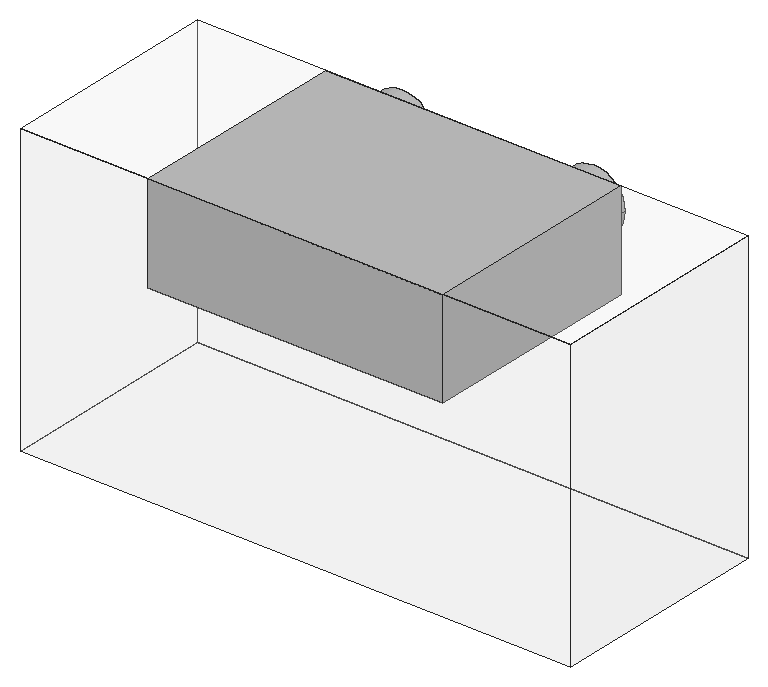
Revit family "sku-40_50exc-b_50Hz", category 機械設備, Revit 2019
Family settings
  丸型コネクタ寸法 = 直径を使用
  パーツ タイプ = 標準
  OmniClass 番号 = 23.75.10.34.21
  OmniClass タイトル = Heat Exchangers for Ventilation Air
  作業面ベース = いいえ
  常に垂直 = はい
  ロード時にボイドで切り取り = いいえ
  共有 = いいえ
  部屋計算ポイント = はい
Parameters (values of type "SKU-40EXC-B")
  騒音レベル(dB(A)) = 39
  風量 = 400.0 m³/h
  面風速 = 3.54 m/s
  電源種別 [instance] = "一般"
  電圧 = 100 V
  電動機出力 = 0 W
  集中コントローラ = ""
  運転質量 = 0.00 kg
  連動 [instance] = ""
  質量 = if(製品質量 > 運転質量, 製品質量, 運転質量) * 1.2  # 34.80 kg
  負荷分類 = 3_ファン類
  説明 = "店舗用ロスナイ 天吊露出形"
  設計風量 = 0.0 m³/h
  設置方法 = "天吊露出形"
  記号 [instance] = ""
  製造元 = "三菱電機株式会社"
  製品質量 = 29.00 kg
  製品出荷対象 = "国内"
  製品リリース年月 = "2021/4/1"
  製品グループ = ""
  系統 [instance] = ""
  符号 = "HEU"
  積算_科目 = "1 空気調和設備"
  積算_拾い区分 [instance] = ""
  相 = 1
  盤記号 [instance] = ""
  発停方法 [instance] = "別売リモコン"
  特殊仕様 [instance] = ""
  火災停止 [instance] = ""
  温度交換効率 = 60.00%
  消費電力 = 134 W
  法定耐用年数 = "15"
  機外静圧_排気 = 40.0 Pa
  機外静圧 = 40.0 Pa
  極数 = 2
  材質 [instance] = ""
  本体マテリアル = none
  操作・制御方式 = ""
  操作・制御スイッチ = ""
  排気量 = 0.0 m³/h
  形式 = "天吊露出形"
  幹線記号 [instance] = ""
  対象室 [instance] = ""
  実風量 = 0.0 m³/h
  始動方式 [instance] = "直入"
  外気量 = 0.0 m³/h
  呼称 = "全熱交換ユニット"
  周波数 = 50 Hz
  天吊金具ピッチ2 = 495 mm
  天吊金具ピッチ1 = 845 mm
  天吊金具_D = 68 mm
  参照している仕様書等のバージョン = ""
  初期抵抗 = 0.0 Pa
  分類コード = "50052504100060"
  分類グループ = ""
  価格 = 428000
  企業コード = "108420"
  付属品_フィルター_還気 = ""
  付属品_フィルター = ""
  付属品 [instance] = ""
  仕様書バージョン = "Version1.0"
  モデル = "SKU-40EXC-B"
  メンテナンススペース = yes
  コメント [instance] = ""
  Keynote = ""
  エンタルピ交換効率_暖房 = 45.00%
  エンタルピ交換効率_冷房 = 40.00%
  Assembly Code = ""
  Width = 922 mm
  Version = ""
  Uniclass2015Version = "Systems v1.9"
  Uniclass2015Title = "Thermal wheels"
  Uniclass2015Code = "Pr_60_60_36_88"
  URL = "https://www.mitsubishielectric.co.jp/ldg/wink/ssl/displayProduct.do?pid=311789"
  SpecificationReference = ""
  SpecificationDescription = ""
  MID風量 = 200.0 m³/h
  MID静圧 = 10.0 Pa
  Duct_W = 150 mm
  SAサイズ_D = 0 mm
  Revision = ""
  RAサイズ_D = 0 mm
  ProductInformation = ""
  OmniClassCode = "23-27 23 19 11"
  OAサイズ_W = 0 mm
  OAサイズ_D = 192 mm
  MIN風量 = 155.0 m³/h
  MIN静圧 = 6.0 Pa
  MAX風量 = 400.0 m³/h
  MAX静圧 = 40.0 Pa
  IfcTypeProduct = ""
  IfcProduct = ""
  IfcExportType = "ROTARYWHEEL"
  IfcExportAs = "IfcAirToAirHeatRecoveryType"
  Height = 304 mm
  EAサイズ_W = 0 mm
  EAサイズ_D = 192 mm
  Duct_Pitch = 600 mm
  Duct_Height = 127.5 mm
  Duct_Depth = 85 mm
  Depth = 693 mm
  Clearance Top = 0 mm
  Clearance Left = 400 mm
  Clearance Right = 400 mm
  Clearance Bottom = 600 mm
  Author = "三菱電機株式会社"
Types (2, lengths in mm): name | 騒音レベル(dB(A)) | 風量 | 面風速 | 質量 | 製品質量 | 温度交換効率 | 消費電力 | 機外静圧_排気 | 機外静圧 | 天吊金具ピッチ2 | 価格 | モデル | エンタルピ交換効率_暖房 | エンタルピ交換効率_冷房 | URL | MID風量 | MID静圧 | MIN風量 | MIN静圧 | MAX風量 | MAX静圧 | Height | Duct_Height | Depth
  SKU-40EXC-B | 39 | 400.0 m³/h | 3.54 m/s | 34.80 kg | 29.00 kg | 60.00% | 134 W | 40.0 Pa | 40.0 Pa | 495 | 428000 | "SKU-40EXC-B" | 45.00% | 40.00% | "https://www.mitsubishielectric.co.jp/ldg/wink/ssl/displayProduct.do?pid=311789" | 200.0 m³/h | 10.0 Pa | 155.0 m³/h | 6.0 Pa | 400.0 m³/h | 40.0 Pa | 304 | 127.5 | 693
  SKU-50EXC-B | 39.5 | 500.0 m³/h | 4.42 m/s | 45.60 kg | 38.00 kg | 74.00% | 180 W | 60.0 Pa | 60.0 Pa | 710 | 507000 | "SKU-50EXC-B" | 62.00% | 58.00% | "https://www.mitsubishielectric.co.jp/ldg/wink/ssl/displayProduct.do?pid=311790" | 330.0 m³/h | 27.0 Pa | 175.0 m³/h | 7.5 Pa | 500.0 m³/h | 60.0 Pa | 338 | 135 | 900
Reference planes
  plane 1 "中心(正面/背面)": y = 0
  plane 2: z = 0
  plane 3 "中心(左/右)": x = 0
  plane 4: x = -461
  plane 5: x = 461
  plane 6: y = 346.5
  plane 7: y = -346.5
  plane 8: z = -304
  plane 9: z = -127.5
  plane 10: x = -289
  plane 11: x = 311
  plane 12: x = -861
  plane 13: x = -422.5
  plane 14: x = 422.5
  plane 15: y = 278.5
  plane 16: y = -216.5
  plane 17: x = -390.5
  plane 18: x = 390.5
  plane 19: y = 431.5
  plane 20: x = 861
  plane 21: z = 0
  plane 22: z = -904
Forms (mm)
  Extrusion 1, solid, material <- "本体マテリアル", detail levels fine
    sketch origin (0, 0, 0) x (1, 0, 0) y (0, 1, 0)
      loop
        line (-461, 346.5) -> (-461, -346.5) -> (461, -346.5) -> (461, 346.5) -> (-461, 346.5)
    from 0 to -304
  Extrusion 2, solid, material <- "本体マテリアル", detail levels fine
    sketch origin (510, -445, 0) x (-1, 0, 0) y (0, 0, -1)
      loop
        circle (199, 127.5) r 96
    from -791.5 to -876.5
  Extrusion 3, solid, material <- "本体マテリアル", detail levels fine
    sketch origin (-510, -445, 0) x (1, 0, 0) y (0, 0, 1)
      loop
        circle (221, -127.5) r 96
    from -791.5 to -876.5
Lines and regions (mm)
  Masking region 1, detail levels coarse+medium
    outline origin (1326.5, 29, 0) x (1, 0, 0) y (0, 1, 0)
      loop
        line (-1787.5, 317.5) -> (-1787.5, -375.5) -> (-865.5, -375.5) -> (-865.5, 317.5) -> (-1787.5, 317.5)
  symbolic lines, detail levels coarse+medium
    curve 1: line (0, 346.5, 0) -> (-461, 0, 0)
    curve 2: line (-461, 0, 0) -> (0, -346.5, 0)
    curve 3: line (0, -346.5, 0) -> (461, 0, 0)
    curve 4: line (461, 0, 0) -> (0, 346.5, 0)
Dimensions and locks
  equal spacing: plane 4, plane 3 "中心(左/右)", plane 5
  "Width": plane 4 to plane 5
  equal spacing: plane 6, plane 1 "中心(正面/背面)", plane 7
  "Depth": plane 6 to plane 7
  "Height": level to plane 8
  "Duct_Height": level to plane 9
  "Duct_Pitch": plane 11 to plane 10
  "Clearance Left": plane 12 to plane 4
  equal spacing: plane 13, plane 3 "中心(左/右)", plane 14
  "天吊金具ピッチ1": plane 13 to plane 14
  "天吊金具ピッチ2": plane 15 to plane 16
  "Duct_W": plane 5 to plane 11
  "天吊金具_D": plane 6 to plane 15
  "Clearance Right": plane 5 to plane 20
  "Clearance Top": level to plane 21
  "Duct_Depth": plane 6 to plane 19
  "Clearance Bottom": plane 8 to plane 22
  "OAサイズ_D": diameter of Extrusion 2 sketch curve
  "EAサイズ_D": diameter of Extrusion 3 sketch curve
  aligned and locked: level to plane 2
  aligned and locked: Extrusion 1 to plane 8
  aligned and locked: Masking region 1 to plane 4
  aligned and locked: plane 5 to Masking region 1
  aligned and locked: plane 6 to Masking region 1
  aligned and locked: Masking region 1 to plane 7
  aligned and locked: plane 14 to nested 1
  aligned and locked: plane 13 to nested 1
  aligned and locked: nested 1 to plane 16
  aligned and locked: plane 15 to nested 1
  aligned and locked: Extrusion 3 to plane 19
  aligned and locked: Extrusion 3 to plane 6
  aligned and locked: Extrusion 2 to Extrusion 3
  aligned and locked: Extrusion 2 to plane 6
  aligned and locked: plane 20 to nested 2
  aligned and locked: plane 12 to nested 2
  aligned and locked: nested 2 to plane 6
  aligned and locked: nested 2 to plane 7
  aligned and locked: nested 2 to plane 22
  aligned and locked: plane 21 to nested 2
Automatic sketch dimensions
  plane 1 "中心(正面/背面)" to curve 1 = 0 mm
  curve 1 to plane 4 = 0 mm
  curve 2 to plane 3 "中心(左/右)" = 0 mm
  curve 4 to plane 3 "中心(左/右)" = 0 mm
  plane 1 "中心(正面/背面)" to curve 4 = 0 mm
  curve 4 to plane 5 = 0 mm
  curve 2 to plane 7 = 0 mm
  curve 4 to plane 6 = 0 mm
  Extrusion 1 sketch curve to plane 4 = 0 mm
  Extrusion 1 sketch curve to plane 5 = 0 mm
  Extrusion 1 sketch curve to plane 7 = 0 mm
  Extrusion 1 sketch curve to plane 6 = 0 mm
  Extrusion 2 sketch curve to plane 9 = 0 mm
  Extrusion 2 sketch curve to plane 11 = 0 mm
  Masking region 1 sketch curve to plane 4 = 0 mm
  Masking region 1 sketch curve to plane 5 = 0 mm
  Masking region 1 sketch curve to plane 7 = 0 mm
  Masking region 1 sketch curve to plane 6 = 0 mm
  Extrusion 3 sketch curve to plane 9 = 0 mm
  Extrusion 3 sketch curve to plane 10 = 0 mm
Nested families
  nested 1: "固定点" at (-422.5, -216.5, 0), type "固定点"
    with W 845 mm, D 495 mm
  nested 2: "メンテナンススペース" at (0, 0, -452), visible <- "メンテナンススペース", type "メンテナンススペース"
    with Width 1722 mm, Height 904 mm, Depth 693 mm
Connectors
  hvac at (311, 431.5, -127.5), driven by "OAサイズ_D", driven by "機外静圧", driven by "風量"
    settings: on Extrusion 2, index 2, duct flow 400.0 m³/h, flow factor 0, pres drop 40.0 Pa, loss coef 0, conn angle 0.00°, conn width 304.8 mm, conn height 304.8 mm, conn diameter 192 mm, duct sys type 4, conn prof type 0, flow config 0, flow direction 1, loss method 4, conn ref index -1, conn util no, is conn primary yes, conn desc ""
  hvac at (-289, 431.5, -127.5), driven by "EAサイズ_D", driven by "風量", driven by "機外静圧"
    settings: on Extrusion 3, index 10, duct flow 400.0 m³/h, flow factor 0, pres drop 40.0 Pa, loss coef 0, conn angle 0.00°, conn width 304.8 mm, conn height 304.8 mm, conn diameter 192 mm, duct sys type 3, conn prof type 0, flow config 0, flow direction 2, loss method 4, conn ref index -1, conn util no, is conn primary no, conn desc ""
  electrical at (0, 0, -304), driven by "極数", driven by "負荷分類", driven by "電圧", driven by "消費電力"
    settings: on Extrusion 1, index 12, voltage 100 V, apparent load 134 VA, apparent load phase1 0 VA, apparent load phase2 0 VA, apparent load phase3 0 VA, power factor 1, load classification "3_ファン類", number of poles 2, system type 30, power factor state 1, is connector primary yes, connector utility no, sub classification motor no, connector description ""
Definition of nested family "メンテナンススペース"
  Parameters (values of type "メンテナンススペース")
    Width [instance] = 500 mm
    Height [instance] = 500 mm
    Depth [instance] = 500 mm
  Reference planes
    plane 1 "中心(正面/背面)": y = 0
    plane 2: z = 0
    plane 3 "中心(左/右)": x = 0
    plane 4: y = -250
    plane 5: x = 250
    plane 6: y = 250
    plane 7: x = -250
    plane 8: z = 250
    plane 9: z = -250
  Forms (mm)
    Extrusion 1, solid
      sketch origin (-638.939, 0, 72.39) x (1, 0, 0) y (0, 1, 0)
        loop
          line (388.939, 250) -> (388.939, -250) -> (888.939, -250) -> (888.939, 250) -> (388.939, 250)
      from -322.39 to 177.61
  Lines and regions (mm)
    symbolic lines
      curve 1: line (-250, 0, 250) -> (250, 0, 250)
      curve 2: line (-250, 0, -250) -> (-250, 0, 250)
      curve 3: line (250, 0, -250) -> (-250, 0, -250)
      curve 4: line (250, 0, 250) -> (250, 0, -250)
      curve 5: line (0, -250, 250) -> (0, 250, 250)
      curve 6: line (0, -250, -250) -> (0, -250, 250)
      curve 7: line (0, 250, -250) -> (0, -250, -250)
      curve 8: line (0, 250, 250) -> (0, 250, -250)
      curve 9: line (-250, 250, 0) -> (250, 250, 0)
      curve 10: line (-250, -250, 0) -> (-250, 250, 0)
      curve 11: line (250, -250, 0) -> (-250, -250, 0)
      curve 12: line (250, 250, 0) -> (250, -250, 0)
  Dimensions and locks
    equal spacing: plane 7, plane 3 "中心(左/右)", plane 5
    equal spacing: plane 4, plane 1 "中心(正面/背面)", plane 6
    "Depth": plane 4 to plane 6
    "Width": plane 7 to plane 5
    equal spacing: plane 8, plane 2, plane 9
    "Height": plane 8 to plane 9
    aligned and locked: plane 9 to curve 3
    aligned and locked: plane 7 to curve 2
    aligned and locked: curve 4 to plane 5
    aligned and locked: plane 5 to Extrusion 1
    aligned and locked: Extrusion 1 to plane 7
    aligned and locked: Extrusion 1 to plane 9
    aligned and locked: plane 8 to Extrusion 1
    aligned and locked: plane 9 to curve 7
  Automatic sketch dimensions
    plane 4 to Extrusion 1 sketch curve = 0 mm
    Extrusion 1 sketch curve to plane 7 = 0 mm
    Extrusion 1 sketch curve to plane 5 = 0 mm
    plane 6 to Extrusion 1 sketch curve = 0 mm
    curve 2 to plane 8 = 0 mm
    plane 4 to curve 11 = 0 mm
    curve 11 to plane 7 = 0 mm
    curve 11 to plane 5 = 0 mm
    plane 6 to curve 10 = 0 mm
    curve 7 to plane 4 = 0 mm
    curve 7 to plane 6 = 0 mm
    curve 6 to plane 8 = 0 mm
Definition of nested family "固定点"
  Parameters (values of type "固定点")
    中心円 = 20 mm
    W [instance] = 1000 mm
    D [instance] = 1000 mm
  Reference planes
    plane 1 "中心(正面/背面)": y = 0
    plane 2: z = 0
    plane 3 "中心(左/右)": x = 0
    plane 4: x = 1000
    plane 5: y = 1000
  Lines and regions (mm)
    symbolic lines, detail levels fine
      curve 1: circle (0, 1000, 0) r 10 normal (0, 0, 1)
      curve 2: circle (0, 0, 0) r 10 normal (0, 0, 1)
      curve 3: circle (1000, 1000, 0) r 10 normal (0, 0, 1)
      curve 4: circle (1000, 0, 0) r 10 normal (0, 0, 1)
      curve 5: line (-200, 1000, 0) -> (1200, 1000, 0)
      curve 6: line (-200, 0, 0) -> (1200, 0, 0)
      curve 7: line (0, 1200, 0) -> (0, -200, 0)
      curve 8: line (1000, 1200, 0) -> (1000, -200, 0)
  Dimensions and locks
    "W": plane 3 "中心(左/右)" to plane 4
    "D": plane 1 "中心(正面/背面)" to plane 5
    "中心円": diameter of curve 1
    "中心円": diameter of curve 2
    "中心円": diameter of curve 3
    "中心円": diameter of curve 4
    aligned and locked: level to plane 2
    aligned and locked: plane 5 to curve 1
    aligned and locked: plane 3 "中心(左/右)" to curve 1
    aligned and locked: plane 3 "中心(左/右)" to curve 2
    aligned and locked: plane 1 "中心(正面/背面)" to curve 2
    aligned and locked: plane 4 to curve 3
    aligned and locked: plane 5 to curve 3
    aligned and locked: plane 1 "中心(正面/背面)" to curve 4
    aligned and locked: plane 4 to curve 4
    aligned and locked: plane 1 "中心(正面/背面)" to curve 6
    aligned and locked: curve 7 to plane 3 "中心(左/右)"
    aligned and locked: curve 8 to plane 4
  Automatic sketch dimensions
    curve 5 to plane 5 = 0 mm
    curve 6 to plane 3 "中心(左/右)" = 200 mm
    curve 5 to plane 3 "中心(左/右)" = 200 mm
    curve 4 to curve 6 = 200 mm
    curve 3 to curve 5 = 200 mm
    plane 1 "中心(正面/背面)" to curve 8 = 200 mm
    plane 1 "中心(正面/背面)" to curve 7 = 200 mm
    curve 3 to curve 8 = 200 mm
    curve 1 to curve 7 = 200 mm
